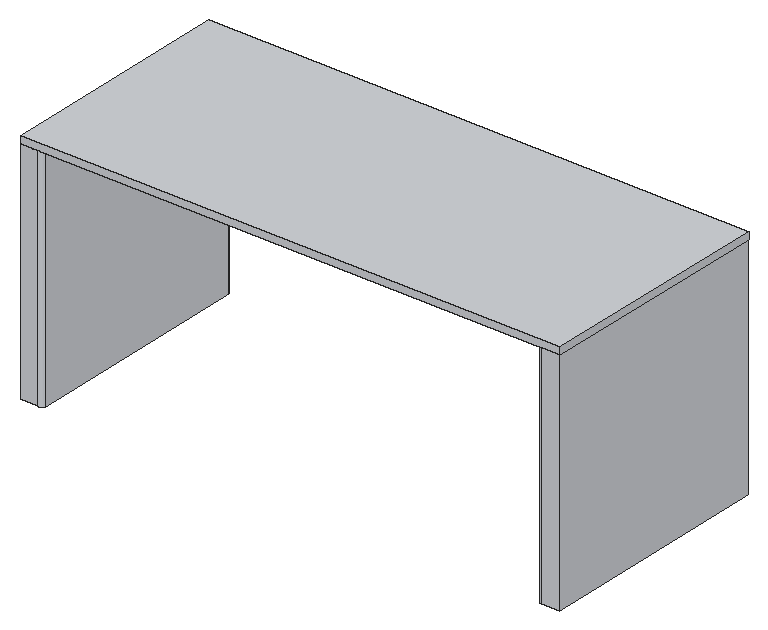
Revit family "Bernhardt_Design-Tables-Freestanding-Block_42h-Blueprint", category Furniture, Revit 2016
Family settings
  OmniClass Number = 23.40.20.00
  OmniClass Title = General Furniture and Specialties
  Work Plane-Based = No
  Always vertical = Yes
  Cut with Voids When Loaded = No
  Shared = No
  Room Calculation Point = No
Parameters (values of type "BPS-CKB-CCSQ000")
  Wood = none
  URL = "http://www.bernhardtdesign.com"
  TotalWidth = 96"
  TotalDepth = 42"
  TableWidth = TotalWidth / 2  # 48"
  TableTopHeight = TotalHeight - 1 1/4"  # 40 3/4"
  TotalHeight = 42"
  TableTop = none
  TableDepth = TotalDepth / 2  # 21"
  Spacer_96in = yes
  Spacer_72in = yes
  Spacer_120in = no
  SKU = "BPS-CKB-CCSQ000"
  RailCapFront = RailCap + 2"  # 2"
  RailCap = 0"
  Model = "Blueprint"  # constant formula
  Manufacturer = "Bernhardt Design"  # constant formula
  Railing_bottom = -Railing_top  # -42"
  Railing_top = CapDistance - 2"  # 42"
  LegDistance = 20"
  LegHeight = TableTopHeight  # 40 3/4"
  Copyright © = "Copyright © Bernhardt Design"  # constant formula
  Catalog = SKU  # "BPS-CKB-CCSQ000"
  CapDistance = 44"
  Blueprint Gray = Blueprint Gray
  BlackPaint = Black Paint
  Authoring Version = "Autodesk Revit 2016"  # constant formula
Types (6): name | TotalWidth | TotalDepth | TableWidth | TableDepth | Spacer_96in | SKU | Railing_bottom | Railing_top | Catalog | CapDistance
  BPS-CGA-CCSQ000 | 72" | 36" | 36" | 18" | no | "BPS-CGA-CCSQ000" | -30" | 30" | "BPS-CGA-CCSQ000" | 32"
  BPS-CKA-CCSQ000 | 96" | 36" | 48" | 18" | yes | "BPS-CKA-CCSQ000" | -42" | 42" | "BPS-CKA-CCSQ000" | 44"
  BPS-C0A-CCSQ000 | 120" | 36" | 60" | 18" | yes | "BPS-C0A-CCSQ000" | -54" | 54" | "BPS-C0A-CCSQ000" | 56"
  BPS-CGB-CCSQ000 | 72" | 42" | 36" | 21" | no | "BPS-CGB-CCSQ000" | -30" | 30" | "BPS-CGB-CCSQ000" | 32"
  BPS-C0B-CCSQ000 | 120" | 42" | 60" | 21" | yes | "BPS-C0B-CCSQ000" | -54" | 54" | "BPS-C0B-CCSQ000" | 56"
  BPS-CKB-CCSQ000 | 96" | 42" | 48" | 21" | yes | "BPS-CKB-CCSQ000" | -42" | 42" | "BPS-CKB-CCSQ000" | 44"
Reference planes (in)
  plane 1 "Center Front/Back": y = 0
  plane 2: z = 0
  plane 3 "Center Left/Right": x = 0
  plane 4 "railTop_plane": z = 39.8248
  plane 5 "TableTop_plane": z = 42
  plane 6 "tableBottom_plane": z = 40.75
  plane 7 "railBottom_plane": z = 37.79724
  plane 8 "Crossbar_top_plane": y = 12.06057
  plane 9 "Crossbar_bottom_plane": y = -12.16143
  plane 10 "width_left_plane": x = -48
  plane 11 "width_right_plane": x = 48
  plane 12 "depth_top_plane": y = 21
  plane 13 "depth_bottom_plane": y = -21
  plane 14 "RailEnd_right_plane": x = 44
  plane 15 "RailEnd_left_plane": x = -44
  plane 16 "EndCap_right_plane": x = 45.74932
  plane 17 "EndCap_left_plane": x = -45.74269
Forms (in)
  Extrusion 1, solid, material <- "TableTop"
    sketch origin (0, 0, 0) x (1, 0, 0) y (0, 1, 0)
      loop
        line (-48, 21) -> (-48, -21) -> (48, -21) -> (48, 21) -> (-48, 21)
    from 42 <- "TotalHeight" to 40.75 <- "TableTopHeight"
  Extrusion 2, solid, material "Blueprint Gray" <- "Blueprint Gray"
    sketch origin (0, -6.68362, 17.41142) x (0, -1, 0) y (0, 0, 1)
      loop
        arc (-0.89738, 22.41338) -> (-0.95224, 22.39066) -> (-0.97496, 22.3358) r 0.07758
        line (-0.97496, 22.3358) -> (-0.97496, 20.46243)
        arc (-0.97496, 20.46243) -> (-0.95253, 20.40826) -> (-0.89836, 20.38583) r 0.0766
        line (-0.89836, 20.38583) -> (0.74076, 20.38583)
        arc (0.74076, 20.38583) -> (0.79557, 20.40853) -> (0.81827, 20.46334) r 0.07751
        line (0.81827, 20.46334) -> (0.81827, 22.334)
        arc (0.81827, 22.334) -> (0.79502, 22.39013) -> (0.73889, 22.41338) r 0.07938
        line (0.73889, 22.41338) -> (-0.89738, 22.41338)
      loop
        arc (-14.10793, 22.41338) -> (-14.16279, 22.39066) -> (-14.18551, 22.3358) r 0.07758
        line (-14.18551, 22.3358) -> (-14.18551, 20.46243)
        arc (-14.18551, 20.46243) -> (-14.16307, 20.40826) -> (-14.10891, 20.38583) r 0.0766
        line (-14.10891, 20.38583) -> (-12.46979, 20.38583)
        arc (-12.46979, 20.38583) -> (-12.41498, 20.40853) -> (-12.39228, 20.46334) r 0.07751
        line (-12.39228, 20.46334) -> (-12.39228, 22.334)
        arc (-12.39228, 22.334) -> (-12.41553, 22.39013) -> (-12.47166, 22.41338) r 0.07938
        line (-12.47166, 22.41338) -> (-14.10793, 22.41338)
    from -42 <- "Railing_bottom" to 42 <- "Railing_top"
  Extrusion 3, solid, material "Blueprint Gray" <- "Blueprint Gray"
    sketch origin (44, 0, 0) x (0, 0, -1) y (0, -1, 0)
      loop
        line (-40.75, -7.53436) -> (-37.7432, -7.53436) -> (-37.7432, -5.65936) -> (-40.75, -5.65936) -> (-40.75, -7.53436)
      loop
        line (-40.75, 5.66998) -> (-37.7432, 5.66998) -> (-37.7432, 7.53436) -> (-40.75, 7.53436) -> (-40.75, 5.66998)
    from 0 <- "RailCap" to 2 <- "RailCapFront"
  Extrusion 4, solid, material "Blueprint Gray" <- "Blueprint Gray"
    sketch origin (-44, 0, 0) x (0, 0, 1) y (0, -1, 0)
      loop
        line (40.75, -7.53436) -> (40.75, -5.65936) -> (37.7432, -5.65936) -> (37.7432, -7.53436) -> (40.75, -7.53436)
      loop
        line (40.75, 5.66998) -> (40.75, 7.53436) -> (37.7432, 7.53436) -> (37.7432, 5.66998) -> (40.75, 5.66998)
    from 0 <- "RailCap" to 2 <- "RailCapFront"
  Extrusion 5, solid, material "Blueprint Gray" <- "Blueprint Gray", visible <- "Spacer_72in"
    sketch origin (13.14909, 0, 0) x (0, -1, 0) y (0, 0, 1)
      loop
        line (-7.50051, 40.75) -> (-7.50051, 39.8248) -> (-5.67329, 39.8248) -> (-5.67329, 40.75) -> (-7.50051, 40.75)
      loop
        line (5.66998, 40.75) -> (5.66998, 39.8248) -> (7.49719, 39.8248) -> (7.49719, 40.75) -> (5.66998, 40.75)
    from 12.39763 to 13.89763
  Extrusion 6, solid, material "Blueprint Gray" <- "Blueprint Gray", visible <- "Spacer_72in"
    sketch origin (-31.18161, 0, 0) x (0, -1, 0) y (0, 0, -1)
      loop
        line (-7.50051, -40.75) -> (-5.67329, -40.75) -> (-5.67329, -39.8248) -> (-7.50051, -39.8248) -> (-7.50051, -40.75)
      loop
        line (5.66998, -40.75) -> (7.49719, -40.75) -> (7.49719, -39.8248) -> (5.66998, -39.8248) -> (5.66998, -40.75)
    from 12.39763 to 13.89763
  Extrusion 7, solid, material "Blueprint Gray" <- "Blueprint Gray", visible <- "Spacer_72in"
    sketch origin (31.18451, 0, 0) x (0, -1, 0) y (0, 0, 1)
      loop
        line (-7.50051, 40.75) -> (-7.50051, 39.8248) -> (-5.67329, 39.8248) -> (-5.67329, 40.75) -> (-7.50051, 40.75)
      loop
        line (5.66998, 40.75) -> (5.66998, 39.8248) -> (7.49719, 39.8248) -> (7.49719, 40.75) -> (5.66998, 40.75)
    from 12.39763 to 13.89763
  Extrusion 8, solid
    sketch origin (-12, -2, 0) x (-1, 0, 0) y (0, -1, 0)
      loop
        line (36, -23) -> (36, 19) -> (32.82201, 19)
        arc (32.82201, 19) -> (32.32077, 18.84235) -> (32, 18.42617) r 0.87568
        line (32, 18.42617) -> (32, -22.4173)
        arc (32, -22.4173) -> (32.31822, -22.83955) -> (32.82201, -23) r 0.87116
        line (32.82201, -23) -> (36, -23)
    from 0 to 40.75 <- "LegHeight"
  Extrusion 9, solid
    sketch origin (12, 0, 0) x (1, 0, 0) y (0, 1, 0)
      loop
        line (36, 21) -> (32.82201, 21)
        arc (32.82201, 21) -> (32.31822, 20.83955) -> (32, 20.4173) r 0.87116
        line (32, 20.4173) -> (32, -20.42617)
        arc (32, -20.42617) -> (32.32077, -20.84235) -> (32.82201, -21) r 0.87568
        line (32.82201, -21) -> (36, -21) -> (36, 21)
    from 0 to 40.75 <- "LegHeight"
  Extrusion 10, solid, material "Blueprint Gray" <- "Blueprint Gray", visible <- "Spacer_96in"
    sketch origin (-49.21996, 0, 0) x (0, -1, 0) y (0, 0, -1)
      loop
        line (-7.50051, -40.75) -> (-5.67329, -40.75) -> (-5.67329, -39.8248) -> (-7.50051, -39.8248) -> (-7.50051, -40.75)
      loop
        line (5.66998, -40.75) -> (7.49719, -40.75) -> (7.49719, -39.8248) -> (5.66998, -39.8248) -> (5.66998, -40.75)
    from 12.39763 to 13.89763
  Extrusion 11, solid, material "Blueprint Gray" <- "Blueprint Gray", visible <- "Spacer_96in"
    sketch origin (49.21994, 0, 0) x (0, -1, 0) y (0, 0, 1)
      loop
        line (-7.50051, 40.75) -> (-7.50051, 39.8248) -> (-5.67329, 39.8248) -> (-5.67329, 40.75) -> (-7.50051, 40.75)
      loop
        line (5.66998, 40.75) -> (5.66998, 39.8248) -> (7.49719, 39.8248) -> (7.49719, 40.75) -> (5.66998, 40.75)
    from 12.39763 to 13.89763
Dimensions and locks (in)
  "TotalHeight": plane 5 "TableTop_plane" to level
  "TableDepth": plane 1 "Center Front/Back" to plane 12 "depth_top_plane"
  "TableDepth": plane 13 "depth_bottom_plane" to plane 1 "Center Front/Back"
  "TableWidth": plane 10 "width_left_plane" to plane 3 "Center Left/Right"
  "TableWidth": plane 3 "Center Left/Right" to plane 11 "width_right_plane"
  locked: plane 17 "EndCap_left_plane" to plane 15 "RailEnd_left_plane" at 1.74269
  locked: plane 14 "RailEnd_right_plane" to plane 16 "EndCap_right_plane" at 1.74932
  "CapDistance": plane 15 "RailEnd_left_plane" to plane 3 "Center Left/Right"
  "CapDistance": plane 3 "Center Left/Right" to plane 14 "RailEnd_right_plane"
  locked: plane 5 "TableTop_plane" to plane 7 "railBottom_plane" at 4.20276
  locked: plane 4 "railTop_plane" to plane 7 "railBottom_plane" at 2.02756
  locked: plane 6 "tableBottom_plane" to plane 4 "railTop_plane" at 0.9252
  "TotalDepth": Extrusion 8 sketch curve to Extrusion 8 sketch curve
  "TableDepth": plane 1 "Center Front/Back" to Extrusion 8
  "TotalDepth": Extrusion 9 sketch curve to Extrusion 9 sketch curve
  "TableDepth": plane 1 "Center Front/Back" to Extrusion 9
  aligned and locked: level to plane 2
  aligned and locked: Extrusion 1 to plane 12 "depth_top_plane"
  aligned and locked: plane 11 "width_right_plane" to Extrusion 1
  aligned and locked: Extrusion 1 to plane 10 "width_left_plane"
  aligned and locked: plane 13 "depth_bottom_plane" to Extrusion 1
  aligned and locked: Extrusion 8 to Extrusion 1
  aligned and locked: Extrusion 9 to Extrusion 1
Automatic sketch dimensions
  Extrusion 1 sketch curve to plane 10 "width_left_plane" = 0"
  Extrusion 1 sketch curve to plane 11 "width_right_plane" = 0"
  plane 13 "depth_bottom_plane" to Extrusion 1 sketch curve = 0"
  plane 12 "depth_top_plane" to Extrusion 1 sketch curve = 0"
  plane 7 "railBottom_plane" to Extrusion 2 sketch curve = 0"  (x2)
  plane 4 "railTop_plane" to Extrusion 2 sketch curve = 0"  (x2)
  Extrusion 2 sketch curve to plane 7 "railBottom_plane" = 0.0766"  (x2)
  Extrusion 2 sketch curve to plane 8 "Crossbar_top_plane" = 4.55867"
  Extrusion 2 sketch curve to Extrusion 2 sketch curve = 0.07758"
  Extrusion 2 sketch curve to Extrusion 2 sketch curve = 1.63627"  (x2)
  Extrusion 2 sketch curve to plane 7 "railBottom_plane" = 0.07751"  (x2)
  Extrusion 2 sketch curve to Extrusion 2 sketch curve = 1.63912"  (x2)
  plane 4 "railTop_plane" to Extrusion 2 sketch curve = 0.07758"
  plane 1 "Center Front/Back" to Extrusion 2 sketch curve = 5.70865"
  Extrusion 3 sketch curve to plane 6 "tableBottom_plane" = 0"  (x2)
  plane 7 "railBottom_plane" to Extrusion 3 sketch curve = 0.05404"  (x2)
  Extrusion 3 sketch curve to plane 8 "Crossbar_top_plane" = 4.52621"
  Extrusion 3 sketch curve to Extrusion 3 sketch curve = 1 7/8"
  plane 1 "Center Front/Back" to Extrusion 3 sketch curve = 5.66998"
  Extrusion 3 sketch curve to Extrusion 3 sketch curve = 1.86438"
  Extrusion 4 sketch curve to plane 6 "tableBottom_plane" = 0"  (x2)
  plane 7 "railBottom_plane" to Extrusion 4 sketch curve = 0.05404"  (x2)
  Extrusion 4 sketch curve to plane 8 "Crossbar_top_plane" = 4.52621"
  Extrusion 4 sketch curve to Extrusion 4 sketch curve = 1 7/8"
  plane 1 "Center Front/Back" to Extrusion 4 sketch curve = 5.66998"
  Extrusion 4 sketch curve to Extrusion 4 sketch curve = 1.86438"
  plane 4 "railTop_plane" to Extrusion 5 sketch curve = 0"  (x2)
  Extrusion 5 sketch curve to plane 6 "tableBottom_plane" = 0"  (x2)
  Extrusion 5 sketch curve to plane 8 "Crossbar_top_plane" = 4.56006"
  Extrusion 5 sketch curve to Extrusion 5 sketch curve = 1.82721"  (x2)
  plane 1 "Center Front/Back" to Extrusion 5 sketch curve = 5.66998"
  plane 4 "railTop_plane" to Extrusion 6 sketch curve = 0"  (x2)
  Extrusion 6 sketch curve to plane 6 "tableBottom_plane" = 0"  (x2)
  Extrusion 6 sketch curve to plane 8 "Crossbar_top_plane" = 4.56006"
  Extrusion 6 sketch curve to Extrusion 6 sketch curve = 1.82721"  (x2)
  plane 1 "Center Front/Back" to Extrusion 6 sketch curve = 5.66998"
  plane 4 "railTop_plane" to Extrusion 7 sketch curve = 0"  (x2)
  Extrusion 7 sketch curve to plane 6 "tableBottom_plane" = 0"  (x2)
  Extrusion 7 sketch curve to plane 8 "Crossbar_top_plane" = 4.56006"
  Extrusion 7 sketch curve to Extrusion 7 sketch curve = 1.82721"  (x2)
  plane 1 "Center Front/Back" to Extrusion 7 sketch curve = 5.66998"
  plane 4 "railTop_plane" to Extrusion 10 sketch curve = 0"  (x2)
  Extrusion 10 sketch curve to plane 6 "tableBottom_plane" = 0"  (x2)
  Extrusion 10 sketch curve to plane 8 "Crossbar_top_plane" = 4.56006"
  Extrusion 10 sketch curve to Extrusion 10 sketch curve = 1.82721"  (x2)
  plane 1 "Center Front/Back" to Extrusion 10 sketch curve = 5.66998"
  plane 4 "railTop_plane" to Extrusion 11 sketch curve = 0"  (x2)
  Extrusion 11 sketch curve to plane 6 "tableBottom_plane" = 0"  (x2)
  Extrusion 11 sketch curve to plane 8 "Crossbar_top_plane" = 4.56006"
  Extrusion 11 sketch curve to Extrusion 11 sketch curve = 1.82721"  (x2)
  plane 1 "Center Front/Back" to Extrusion 11 sketch curve = 5.66998"
  Extrusion 8 sketch curve to plane 15 "RailEnd_left_plane" = 0"
  plane 12 "depth_top_plane" to Extrusion 8 sketch curve = 0"
  Extrusion 8 sketch curve to plane 10 "width_left_plane" = 0"
  Extrusion 8 sketch curve to plane 15 "RailEnd_left_plane" = 0.82201"  (x2)
  plane 12 "depth_top_plane" to Extrusion 8 sketch curve = 0.5827"
  Extrusion 8 sketch curve to plane 13 "depth_bottom_plane" = 0.87568"
  Extrusion 9 sketch curve to plane 14 "RailEnd_right_plane" = 0"
  plane 12 "depth_top_plane" to Extrusion 9 sketch curve = 0"
  Extrusion 9 sketch curve to plane 11 "width_right_plane" = 0"
  Extrusion 9 sketch curve to plane 14 "RailEnd_right_plane" = 0.82201"  (x2)
  Extrusion 9 sketch curve to plane 13 "depth_bottom_plane" = 0.57383"
  Extrusion 9 sketch curve to Extrusion 9 sketch curve = 0.87116"
